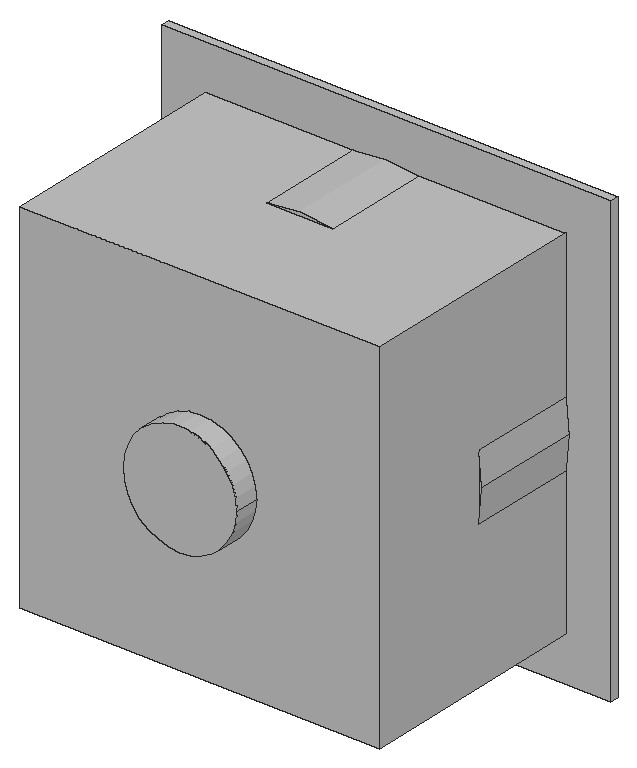
Revit family "ewf_ewg-40_60eta2_fta2-hq_60Hz", category 機械設備, Revit 2019
Family settings
  丸型コネクタ寸法 = 直径を使用
  パーツ タイプ = 標準
  OmniClass 番号 = 23.75.35.21.17
  OmniClass タイトル = Industrial Ventilating Equipment
  作業面ベース = いいえ
  常に垂直 = はい
  ロード時にボイドで切り取り = はい
  共有 = いいえ
  部屋計算ポイント = はい
Parameters (values of type "EWF-40ETA2-HQ_200V")
  騒音レベル(dB(A)) [instance] = 60.5
  風量 [instance] = 設計風量  # 0.0 m³/h
  電源種別 [instance] = ""
  電圧 = 200 V
  電動機出力 = 400 W
  電動機_種別 [instance] = ""
  運転質量 = 0.00 kg
  連動 [instance] = ""
  質量 = if(製品質量 > 運転質量, 製品質量, 運転質量) * 1.2  # 20.04 kg
  負荷分類 = 3_ファン類
  説明 = "産業用有圧換気扇 低騒音形 耐熱タイプ 給気専用"
  設計風量 [instance] = 0.0 m³/h
  設置方法 = "壁付"
  記号 [instance] = ""
  製造元 = "三菱電機株式会社"
  製品質量 = 16.70 kg
  製品出荷対象 = "国内"
  製品リリース年月 = "2022年6月1日"
  製品グループ = ""
  羽根径 = "∅400"
  レグ_Depth = 279.4 mm
  系統 [instance] = ""
  符号 [instance] = if(☑給気／□排気, "FS", "FE")  # "FS"
  積算_科目 = ""
  積算_拾い区分 [instance] = ""
  相 = 3
  盤記号 [instance] = ""
  盤工事区分 = ""
  発停方法 [instance] = ""
  特殊仕様 [instance] = ""
  火災停止 [instance] = ""
  消費電力 = 330 W
  法定耐用年数 = "15"
  極数 = 3
  極 = 4
  材質 [instance] = ""
  操作・制御方式 = ""
  操作・制御スイッチ = ""
  排気量 [instance] = if(☑給気／□排気, 0.0 m³/h, 設計風量)  # 0.0 m³/h
  形式 = ""
  幹線記号 [instance] = ""
  対象室 [instance] = ""
  実風量 [instance] = 0.0 m³/h
  始動方式 [instance] = "直入"
  外気量 [instance] = if(☑給気／□排気, 設計風量, 0.0 m³/h)  # 0.0 m³/h
  呼称 = "有圧扇"
  周波数 = 60 Hz
  参照している仕様書等のバージョン = ""
  分類コード = "50052503100110"
  分類グループ = ""
  価格 = 203000
  企業コード = "108420"
  付属品_防振装置 = ""
  付属品 [instance] = ""
  仕様書バージョン = "Version1.0"
  レグ_Width = 416 mm
  レグ_Height = 416 mm
  モーター径 = 131 mm
  モデル = "EWF-40ETA2-HQ"
  フレームの厚さ = 10 mm
  ファンの種類 = "軸流羽根"
  コメント [instance] = ""
  Keynote = ""
  オリフィス_Depth = 135 mm
  ☑給気／□排気 [instance] = yes
  Width = 520 mm
  Version = ""
  Uniclass2015Version = "Systems v1.9"
  Uniclass2015Title = "Propeller fans"
  Uniclass2015Code = "Pr_65_67_29_67"
  URL = "https://www.mitsubishielectric.co.jp/ldg/wink/ssl/displayProduct.do?pid=319053"
  SpecificationReference = ""
  SpecificationDescription = ""
  Revision = ""
  ProductInformation = ""
  OmniClassCode = "23-33 31 19 11 17"
  MIN風量 = 0.0 m³/h
  MID風量 = 0.0 m³/h
  MAX風量 = 5520.0 m³/h
  IfcTypeProduct = ""
  IfcProduct = ""
  IfcExportType = "TUBEAXIAL"
  IfcExportAs = "IfcFanType"
  Height = 520 mm
  オリフィス径 = 423 mm
  Depth = 308 mm
  Author = "三菱電機株式会社"
Types (6, lengths in mm): name | 騒音レベル(dB(A)) | 電圧 | 電動機出力 | 質量 | 製品質量 | 羽根径 | レグ_Depth | 消費電力 | 極 | 価格 | レグ_Width | レグ_Height | モーター径 | モデル | オリフィス_Depth | Width | URL | MAX風量 | Height | オリフィス径 | Depth
  EWF-40ETA2-HQ_200V | 60.5 | 200 V | 400 W | 20.04 kg | 16.70 kg | "∅400" | 279.4 | 330 W | 4 | 203000 | 416 | 416 | 131 | "EWF-40ETA2-HQ" | 135 | 520 | "https://www.mitsubishielectric.co.jp/ldg/wink/ssl/displayProduct.do?pid=319053" | 5520.0 m³/h | 520 | 423 | 308
  EWF-50FTA2-HQ_200V | 64 | 200 V | 750 W | 30.36 kg | 25.30 kg | "∅500" | 242 | 475 W | 4 | 255000 | 516 | 516 | 200 | "EWF-50FTA2-HQ" | 155 | 620 | "https://www.mitsubishielectric.co.jp/ldg/wink/ssl/displayProduct.do?pid=319064" | 8280.0 m³/h | 620 | 528 | 327
  EWG-60FTA2-HQ_200V | 60 | 200 V | 750 W | 34.92 kg | 29.10 kg | "∅600" | 290 | 560 W | 6 | 316000 | 606 | 606 | 200 | "EWG-60FTA2-HQ" | 175 | 709 | "https://www.mitsubishielectric.co.jp/ldg/wink/ssl/displayProduct.do?pid=318823" | 11160.0 m³/h | 709 | 624 | 375
  EWF-40ETA2-HQ_220V | 60.5 | 220 V | 400 W | 20.04 kg | 16.70 kg | "∅400" | 279.4 | 330 W | 4 | 203000 | 416 | 416 | 131 | "EWF-40ETA2-HQ" | 135 | 520 | "https://www.mitsubishielectric.co.jp/ldg/wink/ssl/displayProduct.do?pid=319053" | 5520.0 m³/h | 520 | 423 | 308
  EWF-50FTA2-HQ_220V | 64 | 220 V | 750 W | 30.36 kg | 25.30 kg | "∅500" | 242 | 475 W | 4 | 255000 | 516 | 516 | 200 | "EWF-50FTA2-HQ" | 155 | 620 | "https://www.mitsubishielectric.co.jp/ldg/wink/ssl/displayProduct.do?pid=319064" | 8280.0 m³/h | 620 | 528 | 327
  EWG-60FTA2-HQ_220V | 60 | 220 V | 750 W | 34.92 kg | 29.10 kg | "∅600" | 290 | 565 W | 6 | 316000 | 606 | 606 | 200 | "EWG-60FTA2-HQ" | 175 | 709 | "https://www.mitsubishielectric.co.jp/ldg/wink/ssl/displayProduct.do?pid=318823" | 11160.0 m³/h | 709 | 624 | 375
Reference planes
  plane 1 "中心(正面/背面)": y = 0
  plane 2: z = 0
  plane 3 "中心(左/右)": x = 0
  plane 4: z = 0
  plane 5: through (212.832, -1524, 243.759) normal (-0.6508, 0, -0.7593)
  plane 6: through (-212.884, -1524, -243.751) normal (0.6508, 0, 0.7593)
  plane 7: through (208.307, -1524, -247.63) normal (-0.6508, 0, 0.7593)
  plane 8: z = 260
  plane 9: z = -260
  plane 10 "左": x = -260
  plane 11 "右": x = 260
  plane 12 "正面": y = -308
  plane 13: y = -10
  plane 14: through (-208.307, -1524, -247.63) normal (-0.6508, 0, -0.7593)
  plane 15: y = -58
  plane 16: y = 42
  plane 17: x = -250
  plane 18: x = 250
  plane 19: y = -135
  plane 20: y = -279.4
  plane 21: x = -208
  plane 22: x = 208
  plane 23: z = 208
  plane 24: z = -208
Forms (mm)
  Extrusion 1, solid, detail levels fine
    sketch origin (0, 0, 0) x (1, 0, 0) y (0, 1, 0)
      loop
        line (-260, 0) -> (-260, -10) -> (260, -10) -> (260, 0) -> (-260, 0)
    from -260 to 260
  Extrusion 2, solid, detail levels fine
    sketch origin (140, -23.659, 0) x (-1, 0, 0) y (0, 0, -1)
      loop
        circle (140, 0) r 65.5
    from 255.741 to 284.341
  Extrusion 3, solid
    sketch origin (0, -153.783, 0) x (1, 0, 0) y (0, 0, 1)
      loop
        circle (0, 0) r 211.5
    from -143.783 to -18.783
  Extrusion 4, solid
    sketch origin (0, 0, 0) x (1, 0, 0) y (0, 0, 1)
      loop
        line (-208, 208) -> (-208, -208) -> (208, -208) -> (208, 208) -> (-208, 208)
    from 10 to 279.4
Cuts and joins
  joined: Extrusion 3, Extrusion 4
Lines and regions (mm)
  Masking region 1, detail levels coarse+medium
    outline origin (0, 0, 0) x (1, 0, 0) y (0, 1, 0)
      loop
        line (-250, -308) -> (250, -308) -> (250, -58) -> (-250, -58) -> (-250, -308)
  Masking region 2, detail levels coarse+medium
    outline origin (0, 0, 0) x (1, 0, 0) y (0, 1, 0)
      loop
        line (-224, -58) -> (224, -58) -> (224, 42) -> (-224, 42) -> (-224, -58)
  symbolic lines, detail levels coarse+medium
    curve 1: circle (224, -295.4, 0) r 115 normal (0, 0, 1)
    curve 2: circle (-224, -295.4, 0) r 115 normal (0, 0, -1)
Dimensions and locks
  level to plane 4 = 0 mm
  equal spacing: plane 8, level, plane 9
  "Depth": plane 12 "正面" to plane 1 "中心(正面/背面)"  (x2)
  "Width": plane 10 "左" to plane 11 "右"
  "Height": plane 8 to plane 9
  "フレームの厚さ": plane 13 to plane 1 "中心(正面/背面)"
  plane 12 "正面" to plane 15 to plane 16 = 250 mm locked, 100 mm locked
  locked: plane 17 to plane 18 at 500
  "オリフィス_Depth": plane 1 "中心(正面/背面)" to plane 19
  "レグ_Depth": plane 1 "中心(正面/背面)" to plane 20
  equal spacing: plane 10 "左", plane 3 "中心(左/右)", plane 11 "右"
  equal spacing: plane 22, plane 3 "中心(左/右)", plane 21
  "レグ_Width": plane 22 to plane 21
  equal spacing: plane 23, level, plane 24
  "レグ_Height": plane 23 to plane 24
  "オリフィス径": diameter of Extrusion 3 sketch curve
  "モーター径": diameter of Extrusion 2 sketch curve
  aligned and locked: level to plane 2
  aligned and locked: Extrusion 1 to plane 8
  aligned and locked: plane 10 "左" to Extrusion 1
  aligned and locked: Extrusion 1 to plane 11 "右"
  aligned and locked: plane 9 to Extrusion 1
  aligned and locked: Extrusion 1 to plane 13
  aligned and locked: Extrusion 1 to plane 1 "中心(正面/背面)"  (x5)
  aligned and locked: plane 12 "正面" to Extrusion 2
  aligned and locked: plane 1 "中心(正面/背面)" to Extrusion 1  (x2)
  aligned and locked: plane 4 to Extrusion 2 sketch curve
  aligned and locked: plane 12 "正面" to Masking region 1 sketch curve
  aligned and locked: plane 17 to Masking region 1 sketch curve
  aligned and locked: plane 15 to Masking region 1 sketch curve
  aligned and locked: plane 18 to Masking region 1 sketch curve
  aligned and locked: Masking region 2 sketch curve to plane 15
  aligned and locked: plane 16 to Masking region 2 sketch curve
  aligned and locked: Extrusion 3 to Extrusion 1
  aligned and locked: Extrusion 3 to plane 19
  aligned and locked: plane 20 to Extrusion 2
  aligned and locked: Extrusion 4 to Extrusion 2
  aligned and locked: Extrusion 4 to Extrusion 1
  aligned and locked: Extrusion 4 to plane 21
  aligned and locked: plane 23 to Extrusion 4
  aligned and locked: plane 22 to Extrusion 4
  aligned and locked: Extrusion 4 to plane 24
Automatic sketch dimensions
  Extrusion 1 sketch curve to plane 10 "左" = 0 mm
  Extrusion 1 sketch curve to plane 11 "右" = 0 mm
  Extrusion 1 sketch curve to plane 13 = 0 mm
  plane 1 "中心(正面/背面)" to Extrusion 1 sketch curve = 0 mm
  Extrusion 3 sketch curve to level = 0 mm
  Extrusion 3 sketch curve to plane 3 "中心(左/右)" = 0 mm
  curve 2 to plane 20 = 16 mm
  curve 1 to plane 20 = 16 mm
  curve 2 to plane 10 "左" = 36 mm
  Masking region 2 sketch curve to plane 10 "左" = 36 mm
  plane 11 "右" to curve 1 = 36 mm
  plane 11 "右" to Masking region 2 sketch curve = 36 mm
  Extrusion 2 sketch curve to plane 3 "中心(左/右)" = 0 mm
  Extrusion 4 sketch curve to plane 21 = 0 mm
  plane 22 to Extrusion 4 sketch curve = 0 mm
  Extrusion 4 sketch curve to plane 24 = 0 mm
  plane 23 to Extrusion 4 sketch curve = 0 mm
  radius of curve 1 = 115 mm
  radius of curve 2 = 115 mm
Connectors
  electrical at (260, -5, 0), driven by "電圧", driven by "負荷分類", driven by "消費電力", driven by "極数"
    settings: on Extrusion 1, index 2, voltage 200 V, apparent load 330 VA, apparent load phase1 0 VA, apparent load phase2 0 VA, apparent load phase3 0 VA, power factor 1, load classification "3_ファン類", number of poles 3, system type 30, power factor state 1, is connector primary yes, connector utility no, sub classification motor no, connector description ""
